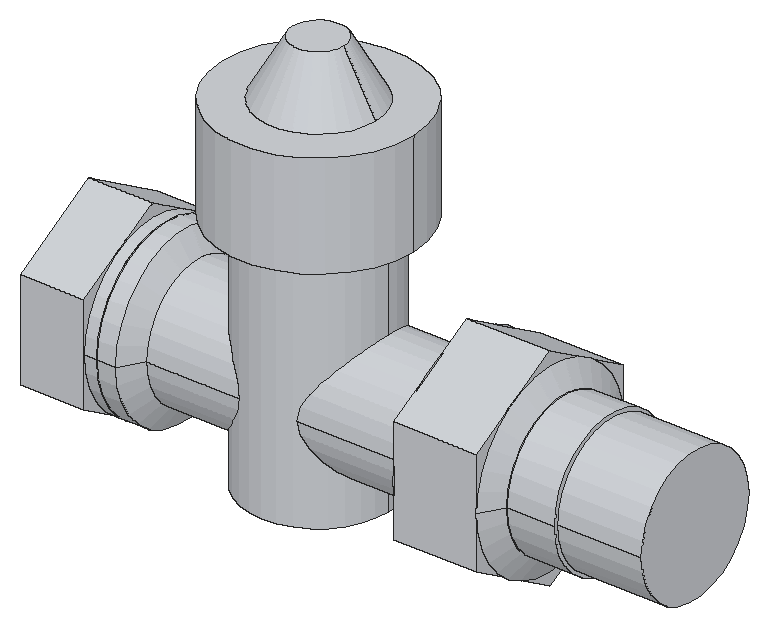
Revit family "Vario-DP_přímý_DN015_RFA_2019", category Pipe Accessories, Revit 2019
Family settings
  Round Connector Dimension = Use Diameter
  Part Type = Valve - Breaks Into
  Work Plane-Based = No
  Always vertical = Yes
  Cut with Voids When Loaded = No
  Shared = No
Parameters (values of type "Vario-DP přímý DN15")
  magiProductId = "86c7649ae082497d8c558b15a6d69e"
  magiProductFamilyId = "9a3b6d3dc30f4d82b1fd8b50564aa5"
  magiPartTypeId = 303
  ang2D [instance] = 0.00°
  Z1 = 5 mm
  W2D = 15 mm
  VersionID = "2.0/2021.2.17.1/FRESE_RADCON_RAD_LO_SHI_S_201"
  VIS0 = no
  Use Minimum Symbol Size [instance] = no
  URL = "www.hydronix.cz"
  Type Comments = "Termostatický radiátorový ventil s integrovaným omezovačem průtoku; přímý; závitový, PN10; +0~+90°C; pracovní dp 15-70kPa; max. síla pohonu 120N; připojení hlavice: M30x1,5"
  TL__ve = -TL  # -13.2 mm
  TL = 13.2 mm
  SW_2 = no
  SW_1 = yes
  SW2_LLDONLY = and(SW2, LLDONLY)  # no
  SW2_LLDAndHLD = and(SW2, LLDAndHLD)  # no
  SW2_ENBL350 = and(SW2, ENBL350)  # no
  SW22 = no
  SW2 = no
  SW1_LLDONLY = and(SW1, LLDONLY)  # yes
  SW1_ENBL350 = and(SW1, ENBL350)  # no
  SW11 = no
  SW1 = yes
  SW = yes
  RT_1 = 13.5 mm
  RT_01 = 7.5 mm
  RT_0 = 9 mm
  RTX = 3.5 mm
  RT4 = 11 mm
  RT22 = 16.5 mm
  RT2 = 11 mm
  RT1 = 15.5 mm
  RT0X = 8.5 mm
  RT02 = 14.5 mm
  RT01 = 9 mm
  RT00 = 6 mm
  RT0 = 10 mm
  RT = 10.5 mm
  RR = 5 mm
  QmdConnectorList = "301;D;302;D"
  Productdata [instance] = ""
  Manufacturer = "Hydronix"
  MC Use Limits From Balancing Method = no
  MC Throttling Minimum Value = 0
  MC Throttling Maximum Value = 0
  MC Product Code = "VARIO-DP; přímý DN15; (obj.č.: 161020100); dpmin=15kPa; dpmax: 70kPa;; rozsah nastavení 20-340l/h"
  MC Pressure Drop Minimum Value = 0.0 Pa
  MC Pressure Drop Maximum Value = 0.0 Pa
  MC Enable LOD 350 = no
  MC Enable LOD 200 = no
  L_2 = 40.9 mm
  L_ = 81.8 mm
  LT = 95 mm
  LP = 8.18 mm
  LLDONLY = not(BBVIS)  # yes
  LLDAndHLD = and(or(LLDONLY, MC Enable LOD 350), not(BBVIS))  # yes
  L2D_Min = 30.48 mm
  L2D = 81.8 mm
  L22__ve = -L22  # -13 mm
  L22 = 13 mm
  L2 = 10 mm
  L1__ve = -L1  # -7.5 mm
  L1 = 7.5 mm
  L = 81.8 mm
  HS = 16.25 mm
  H = 23 mm
  ENBL350 = and(MC Enable LOD 350, not(BBVIS))  # no
  Description = "Termostatický radiátorový ventil s omezovačem max. průtoku; DN15; rozsah nastavení omezovače max. průtok: 20-340l/h"
  DT = 21 mm
  DS3 = 4 mm
  DS2 = 9 mm
  DS1 = 15 mm
  D = 15 mm
  CenSd_RT22_6 = RT22 * cos(30.00°)  # 14.289 mm
  CenSd_RT1_6 = RT1 * cos(30.00°)  # 13.423 mm
  CenSd_RT0X_6 = RT0X * cos(30.00°)  # 7.361 mm
  CAT0 = yes
  CAT = no
  C = 36 mm
  BZ = 48 mm
  BY = 16 mm
  BBVIS = MC Enable LOD 200  # no
Types (3, lengths in mm): name | magiProductId | Z1 | W2D | TL__ve | TL | RT_1 | RTX | RT4 | RT22 | RT1 | RT02 | RT | MC Product Code | L_2 | L_ | LT | LP | L2D | L | Description | DT | D | CenSd_RT22_6 | CenSd_RT1_6 | C | BY
  Vario-DP přímý DN10 | "cff3df26e6cf48da84c7a4aeae022f" | 4 | 10 | -10.1 | 10.1 | 11.35 | 1.35 | 8.85 | 14.35 | 13.35 | 12.35 | 8.35 | "VARIO-DP; přímý DN10; (obj.č.: 161010100); dpmin=15kPa; dpmax: 70kPa;; rozsah nastavení 20-340l/h" | 37.5 | 75 | 85 | 7.5 | 75 | 75 | "Termostatický radiátorový ventil s omezovačem max. průtoku; DN10; rozsah nastavení omezovače max. průtok: 20-340l/h" | 16.7 | 10 | 12.427 | 11.561 | 32 | 16
  Vario-DP přímý DN20 | "65e4e24176f04ec8add0c08a0806a3" | 7 | 20 | -14.5 | 14.5 | 16.2 | 6.2 | 13.7 | 19.2 | 18.2 | 15.7 | 13.2 | "VARIO-DP; přímý DN20; (obj.č.: 161030100); dpmin=15kPa; dpmax: 70kPa;; rozsah nastavení 20-340l/h" | 45.75 | 91.5 | 106 | 9.15 | 91.5 | 91.5 | "Termostatický radiátorový ventil s omezovačem max. průtoku; DN20; rozsah nastavení omezovače max. průtok: 20-340l/h" | 26.4 | 20 | 16.628 | 15.762 | 40 | 19.2
  Vario-DP přímý DN15 | "86c7649ae082497d8c558b15a6d69e" | 5 | 15 | -13.2 | 13.2 | 13.5 | 3.5 | 11 | 16.5 | 15.5 | 14.5 | 10.5 | "VARIO-DP; přímý DN15; (obj.č.: 161020100); dpmin=15kPa; dpmax: 70kPa;; rozsah nastavení 20-340l/h" | 40.9 | 81.8 | 95 | 8.18 | 81.8 | 81.8 | "Termostatický radiátorový ventil s omezovačem max. průtoku; DN15; rozsah nastavení omezovače max. průtok: 20-340l/h" | 21 | 15 | 14.289 | 13.423 | 36 | 16
Reference planes
  plane 1 "Center (Front/Back)": y = 0
  plane 2 "XYPLANE": z = 0
  plane 3 "Center (Left/Right)": x = 0
  plane 4 "196": z = -15
  plane 5 "195": z = -10
  plane 6 "194": x = -15.9
  plane 7 "193": x = -9.9
  plane 8 "186": x = -28.9
  plane 9 "179": y = 13.5
  plane 10 "178": y = 10
  plane 11 "177": x = -23.9
  plane 12 "176": x = -25.9
  plane 13 "175": x = -30.9
  plane 14 "173": x = 0
  plane 15 "172": x = -40.9
  plane 16 "170": z = 18
  plane 17 "152": z = 48
  plane 18 "139": z = 2
  plane 19 "129": z = 13
  plane 20 "116": z = 39.25
  plane 21 "73": y = -16
  plane 22 "72": y = 16
  plane 23 "68": z = 48
  plane 24 "54": z = 20
  plane 25 "41": z = 23
  plane 26 "36": x = 40.9
  plane 27 "34": x = 16.4
  plane 28 "33": x = 18.4
  plane 29 "24": x = 31.4
  plane 30 "23": x = 33.4
  plane 31 "9": x = 40.9
  plane 32 "8": x = 54.1
  plane 33 "7": z = -16.5
  plane 34 "3": y = 0
  plane 35 "2": x = -4.9
  plane 36 "1": z = 0
Forms (mm)
  Blend 1, solid, visible <- "LLDAndHLD"
    base sketch origin (-23.9, -750, 0) x (0, 1, 0) y (0, 0, 1)
      loop
        circle (750, 0) r 10
    top sketch origin (-23.9, -750, 0) x (0, 1, 0) y (0, 0, 1)
      loop
        circle (750, 0) r 10
    from 0 to 40.3
  Extrusion 2, solid, visible <- "ENBL350"
    sketch origin (-750, 0, -15) x (1, 0, 0) y (0, 1, 0)
      loop
        circle (745.1, 0) r 5
    from 0 to 5 <- "Z1"
  Revolve 3, solid, visible <- "ENBL350"
    sketch origin (-10.5, 0, 0) x (0, 0, 1) y (1, 0, 0)
      loop
        line (0, 0.6) -> (-15, 0.6)
        arc (-15, 0.6) -> (-9.357, -7.042) -> (0, -5.4) r 9.025
        line (0, -5.4) -> (0, 0.6)
      axis (-15, 5.6) -> (0, 5.6)
    angle from 0 to -360
  Blend 4, solid, visible <- "LLDAndHLD"
    base sketch origin (-30.9, -750, 0) x (0, 1, 0) y (0, 0, 1)
      loop
        circle (750, 0) r 13.5
    top sketch origin (-30.9, -750, 0) x (0, 1, 0) y (0, 0, 1)
      loop
        circle (750, 0) r 13.5
    from 0 to 2
  Blend 5, solid, visible <- "SW2_ENBL350"
    base sketch origin (-750, 0, 20) x (1, 0, 0) y (0, 1, 0)
      loop
        circle (745.1, 0) r 7.5
    top sketch origin (-750, 0, 20) x (1, 0, 0) y (0, 1, 0)
      loop
        circle (745.1, 0) r 10
    from 0 to -2
  Blend 6, solid, visible <- "SW1_ENBL350"
    base sketch origin (-750, 0, 23) x (1, 0, 0) y (0, 1, 0)
      loop
        circle (745.1, 0) r 11
    top sketch origin (-750, 0, 23) x (1, 0, 0) y (0, 1, 0)
      loop
        circle (745.1, 0) r 11
    from 0 to -23
  Revolve 7, solid, visible <- "LLDAndHLD"
    sketch origin (-25.5, 10, 0) x (1, 0, 0) y (0, 1, 0)
      loop
        line (-3.4, 0) -> (1.6, 0) -> (-0.4, 3.5) -> (-3.4, 3.5) -> (-3.4, 0)
      axis (1.6, -10) -> (-3.4, -10)
    angle from 0 to -360
  Blend 8, solid, visible <- "SW2_LLDONLY"
    base sketch origin (-750, 0, -15) x (1, 0, 0) y (0, 1, 0)
      loop
        circle (745.1, 0) r 10
    top sketch origin (-750, 0, -15) x (1, 0, 0) y (0, 1, 0)
      loop
        circle (745.1, 0) r 10
    from 0 to 35
  Blend 9, solid, visible <- "SW2_ENBL350"
    base sketch origin (-750, 0, 13) x (1, 0, 0) y (0, 1, 0)
      loop
        circle (745.1, 0) r 9
    top sketch origin (-750, 0, 13) x (1, 0, 0) y (0, 1, 0)
      loop
        circle (745.1, 0) r 9
    from 0 to -11
  Extrusion 10, solid, visible <- "SW2_ENBL350"
    sketch origin (-750, 0, 18) x (1, 0, 0) y (0, 1, 0)
      loop
        circle (745.1, 0) r 10
    from 0 to -5
  Extrusion 11, solid, visible <- "SW2_LLDAndHLD"
    sketch origin (-750, 0, 23) x (1, 0, 0) y (0, 1, 0)
      loop
        line (753.6, 0) -> (749.35, 7.361) -> (740.85, 7.361) -> (736.6, 0) -> (740.85, -7.361) -> (749.35, -7.361) -> (753.6, 0)
    from 0 to -3
  Blend 12, solid, visible <- "SW1_LLDONLY"
    base sketch origin (-750, 0, -15) x (1, 0, 0) y (0, 1, 0)
      loop
        circle (745.1, 0) r 11
    top sketch origin (-750, 0, -15) x (1, 0, 0) y (0, 1, 0)
      loop
        circle (745.1, 0) r 11
    from 0 to 38
  Blend 13, solid, visible <- "SW1_LLDONLY"
    base sketch origin (-750, 0, 48) x (1, 0, 0) y (0, 1, 0)
      loop
        circle (745.1, 0) r 4
    top sketch origin (-750, 0, 48) x (1, 0, 0) y (0, 1, 0)
      loop
        circle (745.1, 0) r 9
    from 0 to -8.75
  Blend 14, solid, visible <- "BBVIS"
    base sketch origin (-750, 0, 48) x (1, 0, 0) y (0, 1, 0)
      loop
        line (709.1, -16) -> (804.1, -16) -> (804.1, 16) -> (709.1, 16) -> (709.1, -16)
    top sketch origin (-750, 0, 48) x (1, 0, 0) y (0, 1, 0)
      loop
        line (709.1, -16) -> (804.1, -16) -> (804.1, 16) -> (709.1, 16) -> (709.1, -16)
    from 0 to -64.5
  Extrusion 15, solid, visible <- "SW1_LLDONLY"
    sketch origin (-750, 0, 23) x (1, 0, 0) y (0, 1, 0)
      loop
        circle (745.1, 0) r 15
    from 0 to 16.25 <- "HS"
  Extrusion 16, solid, visible <- "LLDAndHLD"
    sketch origin (54.1, -750, 0) x (0, 1, 0) y (0, 0, 1)
      loop
        circle (750, 0) r 10.5
    from 0 to -13.2 <- "TL__ve"
  Blend 17, solid, visible <- "LLDAndHLD"
    base sketch origin (18.4, -750, 0) x (0, 1, 0) y (0, 0, 1)
      loop
        circle (750, 0) r 14.5
    top sketch origin (18.4, -750, 0) x (0, 1, 0) y (0, 0, 1)
      loop
        circle (750, 0) r 10
    from 0 to -2
  Extrusion 18, solid, visible <- "LLDAndHLD"
    sketch origin (31.4, -750, 0) x (0, 1, 0) y (0, 0, 1)
      loop
        line (750, 16.5) -> (735.711, 8.25) -> (735.711, -8.25) -> (750, -16.5) -> (764.289, -8.25) -> (764.289, 8.25) -> (750, 16.5)
    from 0 to -13 <- "L22__ve"
  Blend 19, solid, visible <- "LLDAndHLD"
    base sketch origin (33.4, -750, 0) x (0, 1, 0) y (0, 0, 1)
      loop
        circle (750, 0) r 11
    top sketch origin (33.4, -750, 0) x (0, 1, 0) y (0, 0, 1)
      loop
        circle (750, 0) r 14.5
    from 0 to -2
  Extrusion 20, solid, visible <- "LLDAndHLD"
    sketch origin (40.9, -750, 0) x (0, 1, 0) y (0, 0, 1)
      loop
        circle (750, 0) r 11
    from 0 to -7.5 <- "L1__ve"
  Extrusion 21, solid, visible <- "LLDAndHLD"
    sketch origin (-40.9, -750, 0) x (0, 1, 0) y (0, 0, 1)
      loop
        line (750, -15.5) -> (763.423, -7.75) -> (763.423, 7.75) -> (750, 15.5) -> (736.577, 7.75) -> (736.577, -7.75) -> (750, -15.5)
    from 0 to 10 <- "L2"
  Extrusion 22, solid, not visible
    sketch origin (-40.9, -750, 0) x (0, 1, 0) y (0, 0, 1)
      loop
        circle (750, 0) r 10
    from 0 to 10
  Extrusion 23, solid, not visible
    sketch origin (40.9, -750, 0) x (0, 1, 0) y (0, 0, 1)
      loop
        circle (750, 0) r 10
    from 0 to -10
Lines and regions (mm)
  reference lines, not visible
    curve 1: circle (2, 2, 0) r 1 normal (0, 0, 1)
  reference lines
    curve 2: line (-15.9, 0, 0) -> (-9.9, 0, -15)
    curve 3: line (-4.9, 0, 23) -> (-7.025, 3.681, 23)
    curve 4: line (-4.9, 0, 23) -> (-9.15, 0, 23)
    curve 5: line (-4.9, 0, 23) -> (-7.025, -3.681, 23)
    curve 6: line (31.4, 0, 0) -> (31.4, 6.214, -3.588)
    curve 7: line (31.4, 0, 0) -> (31.4, 0, -7.175)
    curve 8: line (31.4, 0, 0) -> (31.4, -6.214, -3.588)
    curve 9: line (-40.9, 0, 0) -> (-40.9, 5.781, 3.338)
    curve 10: line (-40.9, 0, 0) -> (-40.9, 0, 6.675)
    curve 11: line (-40.9, 0, 0) -> (-40.9, -5.781, 3.338)
Dimensions and locks
  plane 1 "Center (Front/Back)" to curve 1 = 2 mm
  "Z1": plane 5 "195" to plane 4 "196"
  "RT0": plane 36 "1" to plane 5 "195"
  "RT00": plane 7 "193" to plane 6 "194"
  locked: plane 35 "2" to plane 7 "193" at 5
  locked: plane 13 "175" to plane 8 "186" at 2
  "RTX": plane 10 "178" to plane 9 "179"
  "RT0": plane 34 "3" to plane 10 "178"
  locked: plane 12 "176" to plane 11 "177" at 2
  locked: plane 8 "186" to plane 12 "176" at 3
  "L2": plane 15 "172" to plane 13 "175"
  locked: plane 3 "Center (Left/Right)" to plane 14 "173"
  "L_2": plane 14 "173" to plane 15 "172"
  locked: plane 24 "54" to plane 16 "170" at 2
  "BZ": plane 36 "1" to plane 17 "152"
  locked: plane 36 "1" to plane 18 "139" at 2
  locked: plane 16 "170" to plane 19 "129" at 5
  locked: plane 23 "68" to plane 20 "116" at 8.75
  "BY": plane 34 "3" to plane 21 "73"
  "BY": plane 34 "3" to plane 22 "72"
  locked: plane 25 "41" to plane 23 "68" at 25
  locked: plane 25 "41" to plane 24 "54" at 3
  "H": plane 36 "1" to plane 25 "41"
  "L_": plane 15 "172" to plane 26 "36"
  locked: plane 28 "33" to plane 27 "34" at 2
  "L22": plane 29 "24" to plane 28 "33"
  locked: plane 30 "23" to plane 29 "24" at 2
  "L1": plane 31 "9" to plane 30 "23"
  "TL": plane 32 "8" to plane 31 "9"
  "LT": plane 15 "172" to plane 32 "8"
  "RT22": plane 36 "1" to plane 33 "7"
  locked: plane 1 "Center (Front/Back)" to plane 34 "3"
  "C": plane 15 "172" to plane 35 "2"
  locked: plane 2 "XYPLANE" to plane 36 "1"
  "RR": curve 2 to Revolve 3 sketch curve
  Revolve 3 sketch curve to Revolve 3 sketch curve = 0 mm  (x6)
  Revolve 7 sketch curve to Revolve 7 sketch curve = 0 mm  (x8)
  "CenSd_RT0X_6": curve 3 to Extrusion 11 sketch curve  (x2)
  "CenSd_RT0X_6": curve 4 to Extrusion 11 sketch curve  (x2)
  "CenSd_RT0X_6": curve 5 to Extrusion 11 sketch curve  (x2)
  Extrusion 11 sketch curve to Extrusion 11 sketch curve = 0 mm  (x12)
  Blend 14 sketch curve to Blend 14 sketch curve = 0 mm  (x16)
  "CenSd_RT22_6": curve 6 to Extrusion 18 sketch curve  (x2)
  "CenSd_RT22_6": curve 7 to Extrusion 18 sketch curve  (x2)
  "CenSd_RT22_6": curve 8 to Extrusion 18 sketch curve  (x2)
  Extrusion 18 sketch curve to Extrusion 18 sketch curve = 0 mm  (x12)
  "CenSd_RT1_6": curve 9 to Extrusion 21 sketch curve  (x2)
  "CenSd_RT1_6": curve 10 to Extrusion 21 sketch curve  (x2)
  "CenSd_RT1_6": curve 11 to Extrusion 21 sketch curve  (x2)
  Extrusion 21 sketch curve to Extrusion 21 sketch curve = 0 mm  (x12)
  "RT0": radius of Blend 1 sketch curve  (x2)
  "RR": radius of Extrusion 2 sketch curve
  "RT_1": radius of Blend 4 sketch curve  (x2)
  "RT0": radius of Blend 5 sketch curve
  "RT_01": radius of Blend 5 sketch curve
  "RT2": radius of Blend 6 sketch curve  (x2)
  "RT0": radius of Blend 8 sketch curve  (x2)
  "RT01": radius of Blend 9 sketch curve
  "RT_0": radius of Blend 9 sketch curve
  "RT0": radius of Extrusion 10 sketch curve
  "RT2": radius of Blend 12 sketch curve  (x2)
  "DS2": radius of Blend 13 sketch curve
  "DS3": radius of Blend 13 sketch curve
  "DS1": radius of Extrusion 15 sketch curve
  "RT": radius of Extrusion 16 sketch curve
  "RT0": radius of Blend 17 sketch curve
  "RT02": radius of Blend 17 sketch curve
  "RT02": radius of Blend 19 sketch curve
  "RT4": radius of Blend 19 sketch curve
  "RT4": radius of Extrusion 20 sketch curve
  locked: curve 4 to curve 3 (angle 60.00°)
  locked: curve 5 to curve 4 (angle 60.00°)
  locked: curve 5 to curve 3 (angle 120.00°)
  locked: curve 7 to curve 6 (angle 60.00°)
  locked: curve 8 to curve 7 (angle 60.00°)
  locked: curve 8 to curve 6 (angle 120.00°)
  locked: curve 10 to curve 9 (angle 60.00°)
  locked: curve 11 to curve 10 (angle 60.00°)
  locked: curve 11 to curve 9 (angle 120.00°)
  aligned and locked: level to plane 2 "XYPLANE"
  aligned and locked: Blend 1 sketch curve to plane 34 "3"  (x2)
  aligned and locked: plane 36 "1" to Blend 1 sketch curve  (x2)
  aligned and locked: plane 27 "34" to Blend 1
  aligned and locked: plane 34 "3" to Extrusion 2 sketch curve
  aligned and locked: plane 35 "2" to Extrusion 2 sketch curve
  aligned and locked: plane 36 "1" to Revolve 3 sketch curve  (x2)
  aligned and locked: Revolve 3 sketch curve to plane 7 "193"  (x2)
  aligned and locked: Revolve 3 sketch curve to plane 6 "194"
  aligned and locked: curve 2 to plane 6 "194"
  aligned and locked: plane 36 "1" to curve 2
  aligned and locked: plane 4 "196" to curve 2
  aligned and locked: curve 2 to plane 7 "193"
  aligned and locked: plane 4 "196" to Revolve 3 sketch curve  (x2)
  aligned and locked: Revolve 3 sketch curve to plane 35 "2"
  aligned and locked: Blend 4 sketch curve to plane 34 "3"  (x2)
  aligned and locked: plane 36 "1" to Blend 4 sketch curve  (x2)
  aligned and locked: plane 8 "186" to Blend 4
  aligned and locked: plane 34 "3" to Blend 5 sketch curve  (x2)
  aligned and locked: plane 35 "2" to Blend 5 sketch curve  (x2)
  aligned and locked: Blend 5 to plane 16 "170"
  aligned and locked: plane 34 "3" to Blend 6 sketch curve  (x2)
  aligned and locked: plane 35 "2" to Blend 6 sketch curve  (x2)
  aligned and locked: Blend 6 to plane 36 "1"
  aligned and locked: plane 8 "186" to Revolve 7 sketch curve  (x3)
  aligned and locked: plane 10 "178" to Revolve 7 sketch curve  (x2)
  aligned and locked: plane 9 "179" to Revolve 7 sketch curve  (x2)
  aligned and locked: plane 12 "176" to Revolve 7 sketch curve
  aligned and locked: plane 11 "177" to Revolve 7 sketch curve  (x2)
  aligned and locked: plane 34 "3" to Blend 8 sketch curve  (x2)
  aligned and locked: plane 35 "2" to Blend 8 sketch curve  (x2)
  aligned and locked: plane 24 "54" to Blend 8
  aligned and locked: plane 34 "3" to Blend 9 sketch curve  (x2)
  aligned and locked: plane 35 "2" to Blend 9 sketch curve  (x2)
  aligned and locked: Blend 9 to plane 18 "139"
  aligned and locked: plane 34 "3" to Extrusion 10 sketch curve
  aligned and locked: plane 35 "2" to Extrusion 10 sketch curve
  aligned and locked: plane 34 "3" to curve 5
  aligned and locked: plane 35 "2" to curve 5
  aligned and locked: plane 34 "3" to Blend 12 sketch curve  (x2)
  aligned and locked: plane 35 "2" to Blend 12 sketch curve  (x2)
  aligned and locked: plane 25 "41" to Blend 12
  aligned and locked: plane 34 "3" to Blend 13 sketch curve  (x2)
  aligned and locked: plane 35 "2" to Blend 13 sketch curve  (x2)
  aligned and locked: Blend 13 to plane 20 "116"
  aligned and locked: plane 15 "172" to Blend 14 sketch curve  (x4)
  aligned and locked: plane 21 "73" to Blend 14 sketch curve  (x4)
  aligned and locked: plane 22 "72" to Blend 14 sketch curve  (x4)
  aligned and locked: plane 32 "8" to Blend 14 sketch curve  (x4)
  aligned and locked: Blend 14 to plane 33 "7"
  aligned and locked: plane 34 "3" to Extrusion 15 sketch curve
  aligned and locked: plane 35 "2" to Extrusion 15 sketch curve
  aligned and locked: Extrusion 16 sketch curve to plane 34 "3"
  aligned and locked: plane 36 "1" to Extrusion 16 sketch curve
  aligned and locked: Blend 17 sketch curve to plane 34 "3"  (x2)
  aligned and locked: plane 36 "1" to Blend 17 sketch curve  (x2)
  aligned and locked: Blend 17 to plane 27 "34"
  aligned and locked: curve 8 to plane 34 "3"
  aligned and locked: plane 36 "1" to curve 8
  aligned and locked: Blend 19 sketch curve to plane 34 "3"  (x2)
  aligned and locked: plane 36 "1" to Blend 19 sketch curve  (x2)
  aligned and locked: Blend 19 to plane 29 "24"
  aligned and locked: Extrusion 20 sketch curve to plane 34 "3"
  aligned and locked: plane 36 "1" to Extrusion 20 sketch curve
  aligned and locked: curve 11 to plane 34 "3"
  aligned and locked: plane 36 "1" to curve 11
  aligned and locked: Extrusion 22 sketch curve to plane 34 "3"
  aligned and locked: plane 36 "1" to Extrusion 22 sketch curve
  aligned and locked: Extrusion 23 sketch curve to plane 34 "3"
  aligned and locked: plane 36 "1" to Extrusion 23 sketch curve
  aligned and locked: plane 34 "3" to nested 1
  aligned and locked: plane 35 "2" to nested 1
Automatic sketch dimensions
  plane 1 "Center (Front/Back)" to Revolve 7 sketch curve = 0 mm
  Extrusion 22 sketch curve to plane 10 "178" = 0 mm
  Extrusion 23 sketch curve to plane 10 "178" = 0 mm
  plane 3 "Center (Left/Right)" to curve 1 = 2 mm
  radius of curve 1 = 1 mm
Nested families
  nested 1: "0_2" at (-4.9, 0, 23) x (0, -1, 0) z (0, 0, 1), visible <- "SW1", type "Size1"
    with VIS0 no, ModelLinesVisible no, H33 11.35 mm, H3 11.25 mm, H2 8.75 mm, H1 5 mm, H 25 mm, DX 13 mm, D3 4 mm, D2 9 mm, D1 15 mm, D 16 mm, CAT no
Connectors
  piping at (-40.9, 0, 0), diameter 15, driven by "D"
    settings: on Extrusion 22, index 1, connector inside diameter 609.6 mm, connector length 0 mm, flow factor 0, pipe flow 0.0 L/s, pressure drop 0.0 Pa, fitting loss kfactor 0, connector angle 0.00°, fixture units 0, engagement length 0 mm, angle of deflection 0.00°, flow configuration 0, flow direction 0, fitting loss method 0, system type 29, joint type 0, gender type 0, connector reference index 2, connector utility 0, adjustable connector no, is connector primary yes, connector description ""
  piping at (40.9, 0, 0), diameter 15, driven by "D"
    settings: on Extrusion 23, index 2, connector inside diameter 609.6 mm, connector length 0 mm, flow factor 0, pipe flow 0.0 L/s, pressure drop 0.0 Pa, fitting loss kfactor 0, connector angle 0.00°, fixture units 0, engagement length 0 mm, angle of deflection 0.00°, flow configuration 0, flow direction 0, fitting loss method 0, system type 29, joint type 0, gender type 0, connector reference index 1, connector utility 0, adjustable connector no, is connector primary no, connector description ""
